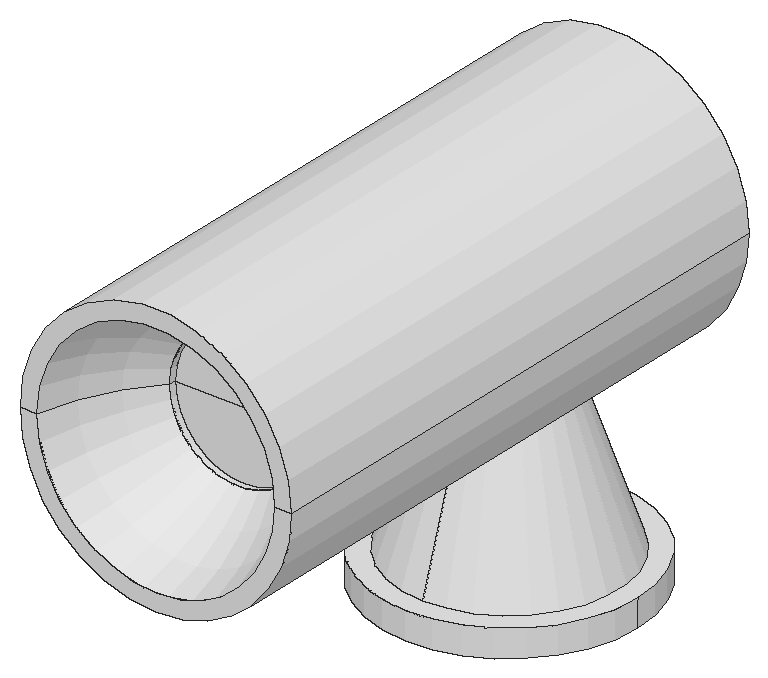
Revit family "5in_Round_Xicato-M", category Lighting Fixtures, host Face, Revit 2014
Parameters (values of type "L332_12W_Xicato_XTM_1100_lm_3000K")
  zz Length 1 [instance] = if([Is Height 7.5"], 3.750", 2.375")  # 2.375"
  Watts = 12 W
  Wattage Comments = "12W,17W,25W"  # constant formula
  Wattage = 12 W
  Warranty = "5 Year Warranty"  # constant formula
  built-in parameter 1150110 = 1 (stored number, unit not read)
  Voltage = 120 V
  URL = "https://www.hubbell.com/kurtversen/en"
  built-in parameter 1114217 = 1 (stored number, unit not read)
  Tilt Angle = -90.00°
  built-in parameter 1150109 = 1 (stored number, unit not read)
  built-in parameter 1150134 = (empty or 0)
  built-in parameter 1150113 = 1 (stored number, unit not read)
  Product Page URL = "https://www.hubbell.com/kurtversen/en/Products/Lighting-Controls/Commercial-Indoor-Lighting/Cylinder/5-Round-Xicato-Surface-Forms/p/536123"
  Product Documentation Link = "https://hubbellcdn.com/specsheet/kv_l332_334_336_spec_sheet.pdf"
  Power Factor = 0.9  # constant formula
  Photometric Web File = "L332_12W_Xicato_XTM_1100_lm_3000K.IES"
  Model = "5in Round Xicato XTM Surface Forms-Wall Mount (M)"  # constant formula
  Manufacturer = "Kurt Versen"  # constant formula
  built-in parameter 1150105 = -448560 (stored number, unit not read)
  Lumens = 720 lm
  built-in parameter 1150115 = 1 (stored number, unit not read)
  Load Classification = Lighting
  built-in parameter 1150137 = (empty or 0)
  built-in parameter 1150139 = (empty or 0)
  built-in parameter 1150112 = 1 (stored number, unit not read)
  built-in parameter 1150114 = 1 (stored number, unit not read)
  Lamp = "LED Lamp"  # constant formula
  Is Height 7.5" [instance] = no
  Is Height 10.5" [instance] = not([Is Height 7.5"])  # yes
  built-in parameter 1150132 = (empty or 0)
  built-in parameter 1150102 = (empty or 0)
  built-in parameter 1150107 = 3000 (stored number, unit not read)
  built-in parameter 1150138 = (empty or 0)
  built-in parameter 1150106 = -4485.6 (stored number, unit not read)
  zz Height 1 [instance] = if([Is Height 7.5"], 7.500", 10.500")  # 10.500"
  Glass = Hubbell-White Glass
  Emit from Circle Diameter = 4.000"  # constant formula
  Emit Shape Visible in Rendering = no
  built-in parameter 1150104 = 5.5742 (stored number, unit not read)
  Dimming Lamp Color Temperature Shift = <None>
  Description = "Narrow, Medium, Wide Distribution Downlights."  # constant formula
  Default Elevation = 48.000"
  Contact us = "https://www.hubbell.com/kurtversen/en/contactUs?productId=536123"
  Color Filter = 16777215
  Beam Spread = "Wide"
  built-in parameter 1114218 = 1 (stored number, unit not read)
  Backbox = Hubbell-White
  built-in parameter 1150133 = 10 (stored number, unit not read)
  Assembly Code = "D5020210"
  Apparent Load = Watts / Power Factor  # 13.3333 VA
Types (9): name | Watts | Wattage | URL | Product Page URL | Photometric Web File | built-in parameter 1150105 | Lumens | built-in parameter 1150106 | built-in parameter 1150104 | Beam Spread | Apparent Load
  L332_12W_Xicato_XTM_1100_lm_3000K | 12 W | 12 W | "https://www.hubbell.com/kurtversen/en" | "https://www.hubbell.com/kurtversen/en/Products/Lighting-Controls/Commercial-Indoor-Lighting/Cylinder/5-Round-Xicato-Surface-Forms/p/536123" | "L332_12W_Xicato_XTM_1100_lm_3000K.IES" | -448560 (stored number, unit not read) | 720 lm | -4485.6 (stored number, unit not read) | 5.5742 (stored number, unit not read) | "Wide" | 13.3333 VA
  L332_17W_Xicato_XTM_1500_lm_3000K | 17 W | 17 W | "https://www.hubbell.com/kurtversen/en" | "https://www.hubbell.com/kurtversen/en/Products/Lighting-Controls/Commercial-Indoor-Lighting/Cylinder/5-Round-Xicato-Surface-Forms/p/536123" | "L332_17W_Xicato_XTM_1500_lm_3000K.IES" | 79.816 (stored number, unit not read) | 1003 lm | 0.79816 (stored number, unit not read) | 5.4813 (stored number, unit not read) | "Wide" | 18.8889 VA
  L332_25W_Xicato_XTM_2100_lm_3000K | 25 W | 25 W | "https://www.hubbell.com/kurtversen/en" | "https://www.hubbell.com/kurtversen/en/Products/Lighting-Controls/Commercial-Indoor-Lighting/Cylinder/5-Round-Xicato-Surface-Forms/p/536123" | "L332_25W_Xicato_XTM_2100_lm_3000K.IES" | 111.41 (stored number, unit not read) | 1400 lm | 1.1141 (stored number, unit not read) | 5.2026 (stored number, unit not read) | "Wide" | 27.7778 VA
  L334_17W_Xicato_XTM_1500_lm_3000K | 17 W | 17 W | "https://www.hubbell.com/kurtversen/en" | "https://www.hubbell.com/kurtversen/en/Products/Lighting-Controls/Commercial-Indoor-Lighting/Cylinder/5-Round-Xicato-Surface-Forms/p/536123" | "L334_17W_Xicato_XTM_1500_lm_3000K.IES" | 85.227 (stored number, unit not read) | 1071 lm | 0.85227 (stored number, unit not read) | 5.8529 (stored number, unit not read) | "Medium" | 18.8889 VA
  L334_12W_Xicato_XTM_1100_lm_3000K | 12 W | 12 W | "https://www.hubbell.com/kurtversen/en" | "https://www.hubbell.com/kurtversen/en/Products/Lighting-Controls/Commercial-Indoor-Lighting/Cylinder/5-Round-Xicato-Surface-Forms/p/536123" | "L334_12W_Xicato_XTM_1100_lm_3000K.IES" | 60.161 (stored number, unit not read) | 756 lm | 0.60161 (stored number, unit not read) | 5.8529 (stored number, unit not read) | "Medium" | 13.3333 VA
  L334_25W_Xicato_XTM_2100_lm_3000K | 25 W | 25 W | "http://www.kurtversen.com/" | "http://www.kurtversen.com/products/5_round_xicato_xsm_led_surface_forms" | "L334_25W_Xicato_XTM_2100_lm_3000K.IES" | 121.36 (stored number, unit not read) | 1525 lm | 1.2136 (stored number, unit not read) | 5.6671 (stored number, unit not read) | "Medium" | 27.7778 VA
  L336_12W_Xicato_XTM_1100_lm_3000K | 12 W | 12 W | "http://www.kurtversen.com/" | "https://www.hubbell.com/kurtversen/en/Products/Lighting-Controls/Commercial-Indoor-Lighting/Cylinder/5-Round-Xicato-Surface-Forms/p/536123" | "L336_12W_Xicato_XTM_1100_lm_3000K.IES" | 63.025 (stored number, unit not read) | 792 lm | 0.63025 (stored number, unit not read) | 6.1316 (stored number, unit not read) | "Narrow" | 13.3333 VA
  L336_17W_Xicato_XTM_1500_lm_3000K | 17 W | 17 W | "http://www.kurtversen.com/" | "https://www.hubbell.com/kurtversen/en/Products/Lighting-Controls/Commercial-Indoor-Lighting/Cylinder/5-Round-Xicato-Surface-Forms/p/536123" | "L336_17W_Xicato_XTM_1500_lm_3000K.IES" | 96.05 (stored number, unit not read) | 1207 lm | 0.9605 (stored number, unit not read) | 6.5961 (stored number, unit not read) | "Narrow" | 18.8889 VA
  L336_25W_Xicato_XTM_2100_lm_3000K | 25 W | 25 W | "https://www.hubbell.com/kurtversen/en" | "https://www.hubbell.com/kurtversen/en/Products/Lighting-Controls/Commercial-Indoor-Lighting/Cylinder/5-Round-Xicato-Surface-Forms/p/536123" | "L336_25W_Xicato_XTM_2100_lm_3000K.IES" | 137.27 (stored number, unit not read) | 1725 lm | 1.3727 (stored number, unit not read) | 6.4103 (stored number, unit not read) | "Narrow" | 27.7778 VA
Reference planes (in)
  plane 1 "Center (Front/Back)": y = 0.03999
  plane 2: z = 0
  plane 3 "Center (Left/Right)": x = -11.37583
  plane 4: x = -13.87583
  plane 5: x = -13.56333
  plane 6: x = -9.18833
  plane 7: x = -8.87583
  plane 8: y = 2.41499
  plane 9: z = 8
  plane 10: y = -8.08501
  plane 11: z = 5.5
Forms (in)
  Extrusion 1, solid, material "Hubbell-White" <- "Backbox"
    sketch origin (0, 0, 0) x (1, 0, 0) y (0, 1, 0)
      loop
        circle (-11.37583, 0.03999) r 2.375
    from 0 to 0.5
  Revolve 2, solid, material "Hubbell-White" <- "Backbox"
    sketch origin (-11.37583, 0, 0) x (0, 1, 0) y (0, 0, 1)
      loop
        line (2.03999, 0.5) -> (1.02012, 3.49164) -> (0.03999, 3.49164) -> (0.03999, 0.5) -> (2.03999, 0.5)
      axis (0.03999, 0.5) -> (0.03999, 3.49164)
    angle from 0 to 360
Dimensions and locks (in)
  equal spacing: plane 4, plane 3 "Center (Left/Right)", plane 7, locked at 2.5 each
  locked: plane 4 to plane 7 at 5
  equal spacing: plane 6, plane 3 "Center (Left/Right)", plane 5, locked at 2.1875 each
  plane 9 to plane 2 = 8.000"
  "zz Length 1": plane 8 to plane 1 "Center (Front/Back)"
  "zz Height 1": plane 8 to plane 10
  locked: plane 11 to plane 2 at 5.5
  aligned and locked: host face to plane 2
  aligned and locked: level to host face
  aligned and locked: plane 3 "Center (Left/Right)" to imposter light
  aligned and locked: Revolve 2 sketch curve to plane 1 "Center (Front/Back)"
  aligned and locked: Extrusion 1 to Revolve 2 sketch curve
  aligned and locked: imposter light to nested 1
  aligned and locked: plane 11 to nested 1
  aligned and locked: imposter light to plane 10
Automatic sketch dimensions
  host sketch curve to host sketch curve = 96.000"  (x2)
  level to Revolve 2 sketch curve = 3.49164"
  Revolve 2 sketch curve to plane 1 "Center (Front/Back)" = 0.000"
  Revolve 2 sketch curve to plane 1 "Center (Front/Back)" = 0.98012"
  Revolve 2 sketch curve to plane 1 "Center (Front/Back)" = 2.000"
  Revolve 2 sketch curve to level = 2.250"
  plane 9 to Revolve 2 sketch curve = 5.250"
  plane 1 "Center (Front/Back)" to Extrusion 1 sketch curve = 0.000"
  Extrusion 1 sketch curve to plane 3 "Center (Left/Right)" = 0.000"
  radius of Extrusion 1 sketch curve = 2.375"
Nested families (in)
  nested 1: "Cone" at (0, 2.41499, 5.46001) x (1, 0, 0) z (0, -1, 0), type "Cone"
Connectors (in)
  electrical at (-11.37583, 0.03999, 0), driven by "Load Classification", driven by "Voltage", driven by "Apparent Load", driven by "Power Factor"
    settings: on Extrusion 1, index 1, voltage 120 V, apparent load 13.3333 VA, apparent load phase1 0 VA, apparent load phase2 0 VA, apparent load phase3 0 VA, power factor 0.9, load classification "Lighting", number of poles 1, system type 30, power factor state 1, is connector primary yes, connector utility no, sub classification motor no, connector description "Lighting Connector"
Definition of nested family "Cone"
  Parameters (values of type "L332_12W_Xicato_XTM_1100_lm_3000K")
    Watts = 12 W
    Wattage Comments = "12W,17W,25W"  # constant formula
    Warranty = ""
    Voltage = 120 V
    URL = ""
    Product Page URL = ""
    Product Documentation Link = ""
    Power Factor = 1
    Model = ""
    Manufacturer Phone = ""
    Manufacturer = ""
    Load Classification = Lighting
    Lamp = "LED Lamp"  # constant formula
    Is Height 7.5" = no
    Is Height 10.5" = not([Is Height 7.5"])  # yes
    zz Height 1 = if([Is Height 7.5"], 7.500", 10.500")  # 10.500"
    Glass = Hubbell-White Glass
    Description = ""
    Default Elevation = 48.000"
    Backbox = Hubbell-White
    Assembly Code = ""
    Apparent Load = Watts / Power Factor  # 12 VA
  Reference planes (in)
    plane 1 "Center (Front/Back)": y = 0.03999
    plane 2: z = 0
    plane 3 "Center (Left/Right)": x = -11.37583
    plane 4: x = -13.87583
    plane 5: x = -13.56333
    plane 6: x = -9.18833
    plane 7: x = -8.87583
    plane 8: z = 10.5
    plane 9: z = 8.5
    plane 10: z = 8.625
    plane 11: z = 9.5
  Forms (in)
    Extrusion 1, solid
      sketch origin (-7.08271, 0, 0.99853) x (1, 0, 0) y (0, 1, 0)
        loop
          line (-48, 48) -> (-48, -48) -> (48, -48) -> (48, 48) -> (-48, 48)
      from -0.99853 to -17.74365
    Revolve 2, solid, material "Hubbell-White" <- "Backbox"
      sketch origin (0, 0.03999, 0) x (1, 0, 0) y (0, 0, 1)
        loop
          line (-13.87583, 10.5) -> (-13.87583, 0) -> (-11.37583, 0) -> (-11.37583, 0.1) -> (-11.37583, 8.5) -> (-12.62583, 8.5) -> (-12.62583, 8.625)
          arc (-12.62583, 8.625) -> (-13.21691, 9.50134) -> (-13.56333, 10.5) r 4.0848
          line (-13.56333, 10.5) -> (-13.87583, 10.5)
        axis (-11.37583, 10.5) -> (-11.37583, 0)
      angle from 0 to 360
    Extrusion 3, solid, material "Hubbell-White Glass" <- "Glass"
      sketch origin (0, 0, 0) x (1, 0, 0) y (0, 1, 0)
        loop
          circle (-11.37583, 0.03999) r 1.25
      from 8.5 to 8.625
  Dimensions and locks (in)
    equal spacing: plane 4, plane 3 "Center (Left/Right)", plane 7, locked at 2.5 each
    locked: plane 4 to plane 7 at 5
    equal spacing: plane 6, plane 3 "Center (Left/Right)", plane 5, locked at 2.1875 each
    "zz Height 1": plane 8 to plane 2
    locked: plane 8 to plane 9 at 2
    locked: plane 10 to plane 9 at 0.125
    equal spacing: plane 8, plane 11, plane 9, locked at 1 each
    aligned and locked: Extrusion 1 to plane 2
    aligned and locked: level to Extrusion 1
    aligned and locked: Revolve 2 to Extrusion 3
    aligned and locked: plane 9 to Revolve 2
    aligned and locked: plane 10 to Extrusion 3
  Automatic sketch dimensions
    Extrusion 1 sketch curve to Extrusion 1 sketch curve = 96.000"  (x2)
    plane 1 "Center (Front/Back)" to Extrusion 3 sketch curve = 0.000"
    Extrusion 3 sketch curve to plane 3 "Center (Left/Right)" = 0.000"
    Revolve 2 sketch curve to level = 0.000"
    plane 4 to Revolve 2 sketch curve = 0.000"
    Revolve 2 sketch curve to plane 9 = 0.000"
    Revolve 2 sketch curve to plane 3 "Center (Left/Right)" = 0.000"  (x2)
    Revolve 2 sketch curve to plane 8 = 0.000"
    Revolve 2 sketch curve to plane 5 = 0.000"
    Revolve 2 sketch curve to plane 10 = 0.000"
    plane 6 to Revolve 2 sketch curve = 0.37502"
    level to Revolve 2 sketch curve = 0.100"
    Revolve 2 sketch curve to Revolve 2 sketch curve = 0.99668"
    Revolve 2 sketch curve to Revolve 2 sketch curve = 6.68569"
    Revolve 2 sketch curve to plane 3 "Center (Left/Right)" = 1.250"
    radius of Extrusion 3 sketch curve = 1.250"
